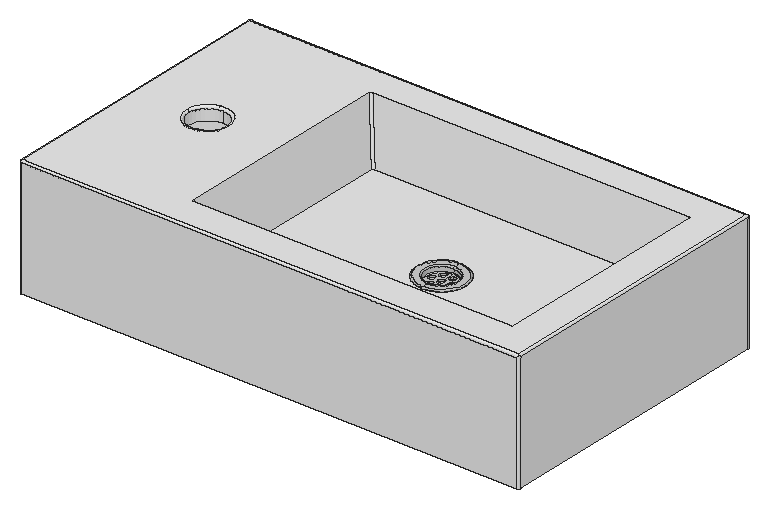
Revit family "Tugela Basin", category Plumbing Fixtures, Revit 2023
Family settings
  Round Connector Dimension = Use Diameter
  Part Type = Normal
  OmniClass Number = 23.45.00.00
  OmniClass Title = Sanitary, Laundry, and Cleaning Equipment
  Work Plane-Based = No
  Enable Cutting in Views = No
  Always vertical = Yes
  Cut with Voids When Loaded = No
  Maintain Annotation Orientation = No
  Shared = No
  Room Calculation Point = No
Parameters
  Silver = Silver
  Default Elevation = 0 mm
  Ceramic = Ceramic
Reference planes
  plane 1 "Center (Front/Back)": y = 0
  plane 2: z = 0
  plane 3 "Center (Left/Right)": x = 0
  plane 4: y = -265
  plane 5: x = -230
  plane 6: x = 230
  plane 7: z = 55
  plane 8: y = -132.5
Forms (mm)
  Extrusion 1, solid, material "Ceramic" <- "Ceramic"
    sketch origin (0, 0, 0) x (1, 0, 0) y (0, 1, 0)
      loop
        arc (-228, 0) -> (-229.414, -0.586) -> (-230, -2) r 2
        line (-230, -2) -> (-230, -263)
        arc (-230, -263) -> (-229.414, -264.414) -> (-228, -265) r 2
        line (-228, -265) -> (228, -265)
        arc (228, -265) -> (229.414, -264.414) -> (230, -263) r 2
        line (230, -263) -> (230, -2)
        arc (230, -2) -> (229.414, -0.586) -> (228, 0) r 2
        line (228, 0) -> (-228, 0)
    from 0 to 110
  Blend 2, void
    base sketch origin (-230, -1524, 55) x (-1, 0, 0) y (0, -1, 0)
      loop
        arc (-147, -1484) -> (-145.586, -1483.414) -> (-145, -1482) r 2
        line (-145, -1482) -> (-145, -1301)
        arc (-145, -1301) -> (-145.586, -1299.586) -> (-147, -1299) r 2
        line (-147, -1299) -> (-418, -1299)
        arc (-418, -1299) -> (-419.414, -1299.586) -> (-420, -1301) r 2
        line (-420, -1301) -> (-420, -1482)
        arc (-420, -1482) -> (-419.414, -1483.414) -> (-418, -1484) r 2
        line (-418, -1484) -> (-147, -1484)
    top sketch origin (-230, -1524, 55) x (-1, 0, 0) y (0, -1, 0)
      loop
        arc (-137, -1494) -> (-135.586, -1493.414) -> (-135, -1492) r 2
        line (-135, -1492) -> (-135, -1291)
        arc (-135, -1291) -> (-135.586, -1289.586) -> (-137, -1289) r 2
        line (-137, -1289) -> (-428, -1289)
        arc (-428, -1289) -> (-429.414, -1289.586) -> (-430, -1291) r 2
        line (-430, -1291) -> (-430, -1492)
        arc (-430, -1492) -> (-429.414, -1493.414) -> (-428, -1494) r 2
        line (-428, -1494) -> (-137, -1494)
    from 0 to 55
  Extrusion 3, void
    sketch origin (-230, -1524, 55) x (0, -1, 0) y (-1, 0, 0)
      loop
        circle (-1391.5, -282.5) r 22.5
      loop
        circle (-1391.5, -67.5) r 17.5
    from -115.672 to 110
  Revolve 4, void
    sketch origin (-180, -132.5, 4000) x (1, 0, 0) y (0, 0, 1)
      loop
        line (0, -3890) -> (-2, -3890)
        arc (-2, -3890) -> (-0.586, -3890.586) -> (0, -3892) r 2
        line (0, -3892) -> (0, -3890)
      loop
        line (0, -3902) -> (-20, -3902) -> (-20, -4002.478) -> (0, -4002.478) -> (0, -3902)
      axis (17.5, -4002.478) -> (17.5, -3890)
    angle from 0 to 360
  Revolve 5, solid, material "Silver" <- "Silver"
    sketch origin (52.5, 59.5, -667.469) x (0, 1, 0) y (0, 0, 1)
      loop
        line (-169.5, 721.469) -> (-169.5, 722.469)
        arc (-169.5, 722.469) -> (-169.793, 723.176) -> (-170.5, 723.469) r 1
        line (-170.5, 723.469) -> (-176.5, 723.469)
        arc (-176.5, 723.469) -> (-177.207, 723.176) -> (-177.5, 722.469) r 1
        line (-177.5, 722.469) -> (-177.5, 718.713)
        arc (-177.5, 718.713) -> (-177.646, 718.359) -> (-178, 718.213) r 0.5
        line (-178, 718.213) -> (-192, 718.213) -> (-192, 717.213) -> (-176.15, 717.213) -> (-176.15, 720.469)
        arc (-176.15, 720.469) -> (-175.857, 721.176) -> (-175.15, 721.469) r 1
        line (-175.15, 721.469) -> (-169.5, 721.469)
      axis (-192, 717.213) -> (-192, 723.469)
    angle from 0 to 360
  Extrusion 6, void
    sketch origin (52.5, 59.5, -667.469) x (1, 0, 0) y (0, 1, 0)
      loop
        circle (0, -192) r 3
      loop
        circle (-8.778, -192) r 3
      loop
        circle (-4.389, -184.398) r 3
      loop
        circle (4.389, -184.398) r 3
      loop
        circle (8.778, -192) r 3
      loop
        circle (4.389, -199.602) r 3
      loop
        circle (-4.389, -199.602) r 3
    from 710.891 to 726.281
  Sweep 7, void
    path origin (0, 0, 110) x (1, 0, 0) y (0, 1, 0)
      loop
        line (230, 0) -> (-230, 0) -> (-230, -265) -> (230, -265) -> (230, 0)
    profile origin (0, 0, 110) x (0, -1, 0) y (0, 0, 1)
      loop
        line (0, 0) -> (0, -2)
        arc (0, -2) -> (0.586, -0.586) -> (2, 0) r 2
        line (2, 0) -> (0, 0)
Cuts and joins
  Blend 2, Extrusion 3, Revolve 4, Sweep 7 cuts Extrusion 1
  Extrusion 6 cuts Revolve 5
Dimensions and locks
  equal spacing: plane 5, plane 3 "Center (Left/Right)", plane 6
  plane 5 to plane 6 = 460 mm
  aligned and locked: level to plane 2
Automatic sketch dimensions
  plane 1 "Center (Front/Back)" to Extrusion 3 sketch curve = 132.5 mm  (x2)
  plane 3 "Center (Left/Right)" to Extrusion 3 sketch curve = 52.5 mm
  Extrusion 3 sketch curve to plane 3 "Center (Left/Right)" = 162.5 mm
  plane 4 to Revolve 5 sketch curve = 132.5 mm
  Revolve 5 sketch curve to Revolve 5 sketch curve = 14 mm
  Revolve 5 sketch curve to Revolve 5 sketch curve = 0.5 mm
  Revolve 5 sketch curve to Revolve 5 sketch curve = 1 mm  (x5)
  Revolve 5 sketch curve to Revolve 5 sketch curve = 1.35 mm
  Revolve 5 sketch curve to Revolve 5 sketch curve = 4.65 mm
  level to Revolve 5 sketch curve = 49.744 mm
  Revolve 5 sketch curve to Revolve 5 sketch curve = 1.756 mm
  Revolve 5 sketch curve to Revolve 5 sketch curve = 15.5 mm
  Revolve 5 sketch curve to Revolve 5 sketch curve = 18.29 mm
  Revolve 5 sketch curve to Revolve 5 sketch curve = 25.453 mm
  plane 5 to Extrusion 6 sketch curve = 273.722 mm
  Extrusion 6 sketch curve to Extrusion 6 sketch curve = 4.389 mm  (x6)
  plane 4 to Extrusion 6 sketch curve = 124.898 mm
  Extrusion 6 sketch curve to Extrusion 6 sketch curve = 0 mm
  Extrusion 6 sketch curve to Extrusion 6 sketch curve = 7.602 mm  (x5)
  Sweep 7 sketch curve to Extrusion 1 = 0 mm  (x4)
  Sweep 7 sketch curve to profile plane = 0 mm  (x2)
  Sweep 7 sketch curve to profile plane = 2 mm
  Extrusion 1 sketch curve to plane 5 = 0 mm
  Extrusion 1 sketch curve to plane 4 = 0 mm
  plane 1 "Center (Front/Back)" to Extrusion 1 sketch curve = 0 mm
  Extrusion 1 sketch curve to plane 6 = 0 mm
  plane 5 to Extrusion 1 sketch curve = 2 mm  (x2)
  Extrusion 1 sketch curve to Extrusion 1 sketch curve = 2 mm
  plane 6 to Extrusion 1 sketch curve = 2 mm
  plane 6 to Blend 2 sketch curve = 40 mm
  Blend 2 sketch curve to Blend 2 sketch curve = 2 mm  (x6)
  plane 1 "Center (Front/Back)" to Blend 2 sketch curve = 42 mm
  Blend 2 sketch curve to plane 3 "Center (Left/Right)" = 83 mm
  plane 4 to Blend 2 sketch curve = 42 mm  (x2)
  plane 6 to Blend 2 sketch curve = 30 mm
  plane 1 "Center (Front/Back)" to Blend 2 sketch curve = 32 mm
  Blend 2 sketch curve to plane 3 "Center (Left/Right)" = 93 mm  (x2)
  plane 4 to Blend 2 sketch curve = 30 mm
  plane 5 to Revolve 4 sketch curve = 30 mm
  Revolve 4 sketch curve to Revolve 4 sketch curve = 18 mm
  Revolve 4 sketch curve to Revolve 4 sketch curve = 2 mm
  Revolve 4 sketch curve to Revolve 4 sketch curve = 0 mm  (x2)
  Revolve 4 sketch curve to plane 7 = 57.478 mm
  plane 7 to Revolve 4 sketch curve = 43 mm
  Revolve 4 sketch curve to Revolve 4 sketch curve = 10 mm
  Revolve 4 sketch curve to Revolve 4 sketch curve = 17.5 mm
  Revolve 4 sketch curve to Revolve 4 sketch curve = 33.396 mm
  radius of Extrusion 3 sketch curve = 22.5 mm
  radius of Extrusion 3 sketch curve = 17.5 mm
  radius of Extrusion 6 sketch curve = 3 mm  (x7)
